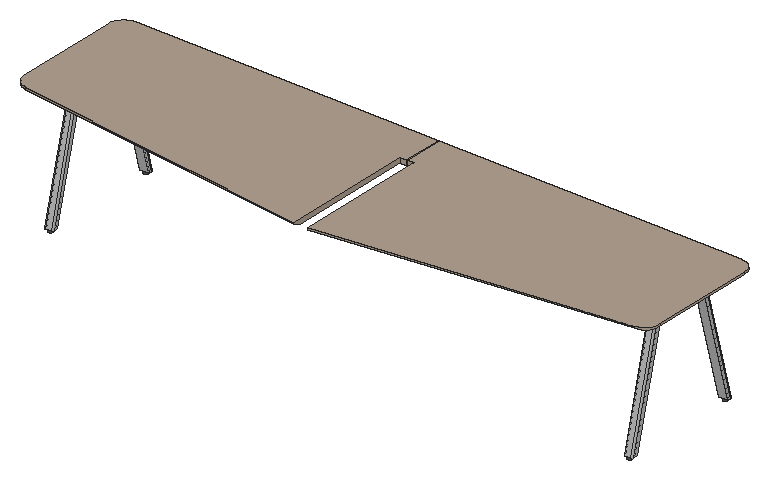
Revit family "Haworth_ActiveComponents_WedgeConvergentHalfConferenceEnd_BUILD2", category Furniture Systems, Revit 2015
Parameters (values of type "39d 72w")
  Worksurface Finish [instance] = Haworth _ Wood _ Light Maple VP-LM
  With Leg = yes
  Width = 72"
  Warranty = "https://www.haworth.com/resources/product-info/warranties"
  URL - Product = "https://www.haworth.com/products/workspaces/accessories/active-components"
  URL = "www.haworth.com"
  Thickness = 1 3/16"  # constant formula
  Radius = 3"  # constant formula
  Overhang = if(Actual Depth > 33", 9", 4 1/2")  # 9"
  Min. Width = 60"  # constant formula
  Min. Depth = 31 1/2"  # constant formula
  Max. Width = 72"  # constant formula
  Size = "Verify Final Dim. w/ Haworth"  # constant formula
  Revision Number = "1"  # constant formula
  Model = "WAYK"  # constant formula
  Max. Depth = 39"  # constant formula
  Manufacturer = "Haworth"  # constant formula
  Leg Finish [instance] = Haworth _ Paint _ Metallic Champagne
  Leg Front Offset = if(Actual Depth > 33", Actual Depth - 20 1/2", Actual Depth - 15")  # 18 1/2"
  Leg Back Offset = 8 1/8"  # constant formula
  Description = "Haworth - Active Components - Wedge Convergent Half Conference End"  # constant formula
  Depth = 39"
  Author = "Haworth (Alias)"  # constant formula
  Assembly Code = "E2020200"
  Angled Leg Offset = 5 3/8"  # constant formula
  Actual Width = if(Width < Min. Width, Min. Width, if(Width > Max. Width, Max. Width, Width))  # 72"
  Actual Height = 29 3/16"  # constant formula
  Actual Depth = if(Depth < Min. Depth, Min. Depth, if(Depth > Max. Depth, Max. Depth, Depth))  # 39"
Types (4): name | Width | Overhang | Leg Front Offset | Depth | Actual Width | Actual Depth
  39d 72w | 72" | 9" | 18 1/2" | 39" | 72" | 39"
  33d 72w | 72" | 4 1/2" | 18" | 33" | 72" | 33"
  37d 60w | 60" | 9" | 16 1/2" | 37" | 60" | 37"
  31d 60w | 60" | 4 1/2" | 16 1/2" | 31 1/2" | 60" | 31 1/2"
Reference planes (in)
  plane 1: z = 0
  plane 2 "Mid Right Side": x = 17.5
  plane 3 "Center L/R": x = -18.5
  plane 4 "Center FB": y = -8.17681
  plane 5 "Front End": y = -27.67681
  plane 6 "Back End": y = 11.32319
  plane 7 "Right End": x = 53.5
  plane 8 "Top": z = 29.1875
  plane 9 "Mid Left Side": x = -54.5
  plane 10 "Left End": x = -90.5
  plane 11: y = 3.19819
  plane 12: x = -85.125
  plane 13: x = 48.125
  plane 14: y = -9.17681
Dimensions and locks (in)
  "Actual Depth": plane 6 "Back End" to plane 5 "Front End"
  "Actual Width": plane 3 "Center L/R" to plane 7 "Right End"
  equal spacing: plane 3 "Center L/R", plane 2 "Mid Right Side", plane 7 "Right End"
  equal spacing: plane 5 "Front End", plane 4 "Center FB", plane 6 "Back End"
  "Actual Height": plane 8 "Top" to plane 1
  equal spacing: plane 10 "Left End", plane 9 "Mid Left Side", plane 3 "Center L/R"
  "Actual Width": plane 10 "Left End" to plane 3 "Center L/R"
  "Angled Leg Offset": plane 10 "Left End" to plane 12
  "Angled Leg Offset": plane 13 to plane 7 "Right End"
  "Leg Back Offset": plane 11 to plane 6 "Back End"
  "Leg Front Offset": plane 5 "Front End" to plane 14
  aligned and locked: plane 1 to nested 1
  aligned and locked: nested 2 to plane 1
  aligned and locked: plane 1 to nested 3
  aligned and locked: nested 4 to plane 1
  aligned and locked: plane 4 "Center FB" to nested 3
  aligned and locked: nested 4 to plane 4 "Center FB"
  aligned and locked: plane 3 "Center L/R" to nested 4
  aligned and locked: plane 3 "Center L/R" to nested 3
  aligned and locked: nested 5 to plane 1
  aligned and locked: plane 1 to nested 6
  aligned and locked: plane 12 to nested 5
  aligned and locked: nested 6 to plane 12
  aligned and locked: plane 13 to nested 2
  aligned and locked: nested 1 to plane 13
  aligned and locked: plane 11 to nested 2
  aligned and locked: nested 6 to plane 11
  aligned and locked: nested 5 to plane 14
  aligned and locked: plane 14 to nested 1
Nested families (in)
  nested 1: "Haworth_ActiveComponents_AngledLeg_BUILD" at (47.125, -17.11262, 0), visible <- "With Leg", type "Angled Leg"
  nested 2: "Haworth_ActiveComponents_AngledLeg_BUILD" at (47.125, 11.134, 0), visible <- "With Leg", type "Angled Leg"
  nested 3: "Haworth_ActiveComponents_WedgeConvergentHalfConferenceEnd_BUILD" at (0, -1.8125, 0), Worksurface Finish <- "Worksurface Finish", type "Worksurface"
    with Worksurface Finish Haworth _ Wood _ Light Maple VP-LM
  nested 4: "Haworth_ActiveComponents_WedgeConvergentHalfConferenceEnd_BUILD" at (-37, -1.8125, 0) x (-1, 0, 0) z (0, 0, 1), Worksurface Finish <- "Worksurface Finish", type "Worksurface"
    with Worksurface Finish Haworth _ Wood _ Light Maple VP-LM
  nested 5: "Haworth_ActiveComponents_AngledLeg_BUILD" at (-84.125, -17.11262, 0) x (-1, 0, 0) z (0, 0, 1), visible <- "With Leg", type "Angled Leg"
  nested 6: "Haworth_ActiveComponents_AngledLeg_BUILD" at (-84.125, 11.134, 0) x (-1, 0, 0) z (0, 0, 1), visible <- "With Leg", type "Angled Leg"
Definition of nested family "Haworth_ActiveComponents_AngledLeg_BUILD"
  Parameters (values of type "Angled Leg")
    Warranty = "https://www.haworth.com/resources/product-info/warranties"
    URL - Product = "https://www.haworth.com/products/workspaces/accessories/active-components"
    URL = "www.haworth.com"
    Trim Finish = none
    Revision = "1"  # constant formula
    Note = "Verify Final Dim. w/ Haworth"  # constant formula
    Model = "Haworth Active Components"  # constant formula
    Manufacturer = "Haworth"  # constant formula
    Leg Height = 28"  # constant formula
    Glide Finish = none
    Description = "Haworth Active Components - Angled Leg"  # constant formula
    Author = "Haworth (Alias)"  # constant formula
    Assembly Code = ""
  Reference planes (in)
    plane 1 "Front": y = 0
    plane 2 "Bottom": z = 0
    plane 3 "Center (Left/Right)": x = 0
    plane 4 "Glide End": z = 0.5
    plane 5 "Right": x = 1
    plane 6 "Left": x = -1
    plane 7: z = 28
    plane 8 "Back": y = 11.0625
    plane 9: z = 28
    plane 10: z = 27.764
    plane 11 "Top Middle": y = 7.93581
  Forms (in)
    Extrusion 1, solid, material <- "Glide Finish"
      sketch origin (0, 0, 0) x (1, 0, 0) y (0, 1, 0)
        loop
          circle (0, 0.625) r 0.5
      from 0 to 0.5
    Blend 2, solid, material <- "Trim Finish"
      base sketch origin (0, 0, 0) x (1, 0, 0) y (0, 1, 0)
        loop
          line (-0.625, 0) -> (0.625, 0)
          arc (0.625, 0) -> (0.89017, 0.10983) -> (1, 0.375) r 0.375
          line (1, 0.375) -> (1, 1.1875) -> (-1, 1.1875) -> (-1, 0.375)
          arc (-1, 0.375) -> (-0.89017, 0.10983) -> (-0.625, 0) r 0.375
      top sketch origin (0, 0, 0) x (1, 0, 0) y (0, 1, 0)
        loop
          line (-1, 8.52956) -> (-1, 7.71706)
          arc (-1, 7.71706) -> (-0.89017, 7.45189) -> (-0.625, 7.34206) r 0.375
          line (-0.625, 7.34206) -> (0.625, 7.34206)
          arc (0.625, 7.34206) -> (0.89017, 7.45189) -> (1, 7.71706) r 0.375
          line (1, 7.71706) -> (1, 8.52956) -> (-1, 8.52956)
      from 0.5 to 27.764
    Extrusion 3, solid, material <- "Trim Finish"
      sketch origin (0, 0, 0) x (1, 0, 0) y (0, 1, 0)
        loop
          arc (-3.39, 11.0625) -> (-3.65517, 10.95267) -> (-3.765, 10.6875) r 0.375
          line (-3.765, 10.6875) -> (-3.765, 7.43264)
          arc (-3.765, 7.43264) -> (-3.65517, 7.16748) -> (-3.39, 7.05764) r 0.375
          line (-3.39, 7.05764) -> (0.86, 7.05764)
          arc (0.86, 7.05764) -> (1.12517, 7.16748) -> (1.235, 7.43264) r 0.375
          line (1.235, 7.43264) -> (1.235, 10.6875)
          arc (1.235, 10.6875) -> (1.12517, 10.95267) -> (0.86, 11.0625) r 0.375
          line (0.86, 11.0625) -> (-3.39, 11.0625)
      from 27.764 to 28
  Lines and regions (in)
    Masking region 1, detail levels medium+fine
      outline origin (0, 0, 0) x (1, 0, 0) y (0, 1, 0)
        loop
          arc (-0.985, 0.40547) -> (-0.87035, 0.1231) -> (-0.5913, 0.00058) r 0.40505
          line (-0.5913, 0.00058) -> (0.57004, 0.00058)
          arc (0.57004, 0.00058) -> (0.86642, 0.1119) -> (0.985, 0.40544) r 0.39368
          line (0.985, 0.40544) -> (0.985, 8.52956) -> (-0.985, 8.52956) -> (-0.985, 0.40547)
    symbolic lines, detail levels medium+fine
      curve 1: line (-3.39, 7.05764, 0) -> (0.86, 7.05764, 0)
      curve 2: arc (0.86, 7.05764, 0) -> (1.12517, 7.16748, 0) -> (1.235, 7.43264, 0) r 0.375
      curve 3: line (1.235, 7.43264, 0) -> (1.235, 10.6875, 0)
      curve 4: arc (1.235, 10.6875, 0) -> (1.12517, 10.95267, 0) -> (0.86, 11.0625, 0) r 0.375
      curve 5: line (0.86, 11.0625, 0) -> (-3.39, 11.0625, 0)
      curve 6: arc (-3.39, 11.0625, 0) -> (-3.65517, 10.95267, 0) -> (-3.765, 10.6875, 0) r 0.375
      curve 7: line (-3.765, 10.6875, 0) -> (-3.765, 7.43264, 0)
      curve 8: arc (-3.765, 7.43264, 0) -> (-3.65517, 7.16748, 0) -> (-3.39, 7.05764, 0) r 0.375
  Dimensions and locks (in)
    level to plane 4 "Glide End" = 1/2"
    locked: plane 4 "Glide End" to plane 2 "Bottom" at 0.5
    "Leg Height": plane 7 to plane 2 "Bottom"
    equal spacing: plane 6 "Left", plane 3 "Center (Left/Right)", plane 5 "Right"
    locked: plane 6 "Left" to plane 5 "Right" at 2
    locked: plane 1 "Front" to plane 8 "Back" at 11.0625
    locked: plane 1 "Front" to Extrusion 1 sketch curve at 0.625
    locked: Blend 2 sketch curve to plane 1 "Front" at 1.1875
    locked: Blend 2 sketch curve to plane 8 "Back" at 2.53294
    locked: Blend 2 sketch curve to Blend 2 sketch curve at 1.1875
    locked: plane 9 to plane 10 at 0.236
    locked: Extrusion 3 sketch curve to Extrusion 3 sketch curve at 4.00486
    locked: plane 5 "Right" to Extrusion 3 sketch curve at 0.235
    locked: Extrusion 3 sketch curve to plane 6 "Left" at 2.765
    aligned and locked: Extrusion 1 to plane 2 "Bottom"
    aligned and locked: Extrusion 1 to plane 4 "Glide End"
    aligned and locked: plane 5 "Right" to Blend 2 sketch curve
    aligned and locked: plane 6 "Left" to Blend 2 sketch curve
    aligned and locked: Blend 2 sketch curve to plane 6 "Left"
    aligned and locked: Blend 2 sketch curve to plane 5 "Right"
    aligned and locked: plane 4 "Glide End" to Blend 2
    aligned and locked: plane 3 "Center (Left/Right)" to Extrusion 1 sketch curve
    aligned and locked: plane 1 "Front" to Blend 2 sketch curve
    aligned and locked: plane 10 to Blend 2
    aligned and locked: Extrusion 3 sketch curve to plane 8 "Back"
    aligned and locked: plane 9 to Extrusion 3
    aligned and locked: Extrusion 3 to plane 10
  Automatic sketch dimensions
    Blend 2 sketch curve to plane 6 "Left" = 3/8"  (x2)
    Blend 2 sketch curve to plane 5 "Right" = 3/8"  (x2)
    Extrusion 3 sketch curve to Extrusion 3 sketch curve = 3/8"
    Extrusion 3 sketch curve to plane 8 "Back" = 3/8"
    Extrusion 3 sketch curve to plane 5 "Right" = 0.14"  (x2)
    Masking region 1 sketch curve to plane 6 "Left" = 0.015"
    Masking region 1 sketch curve to plane 1 "Front" = 0.00058"
    Masking region 1 sketch curve to plane 6 "Left" = 0.4087"
    Masking region 1 sketch curve to Masking region 1 sketch curve = 0.40505"
    Masking region 1 sketch curve to plane 5 "Right" = 0.42996"
    Masking region 1 sketch curve to Masking region 1 sketch curve = 0.02145"
    Masking region 1 sketch curve to plane 5 "Right" = 0.015"
    Masking region 1 sketch curve to plane 1 "Front" = 0.39368"
    Masking region 1 sketch curve to plane 11 "Top Middle" = 19/32"
    curve 6 to plane 8 "Back" = 0"
    curve 7 to plane 8 "Back" = 3/8"
    plane 6 "Left" to curve 7 = 2.765"
    curve 7 to curve 8 = 3/8"
    curve 1 to plane 5 "Right" = 0.14"
    curve 4 to plane 5 "Right" = 0.14"
    plane 5 "Right" to curve 3 = 0.235"
    plane 11 "Top Middle" to curve 2 = 0.50317"
    radius of Extrusion 1 sketch curve = 1/2"
Definition of nested family "Haworth_ActiveComponents_WedgeConvergentHalfConferenceEnd_BUILD"
  Parameters (values of type "39d 72w")
    Worksurface Finish [instance] = none
    Width = 72"
    Warranty = "https://www.haworth.com/resources/product-info/warranties"
    URL - Product = "https://www.haworth.com/products/workspaces/accessories/active-components"
    URL = "www.haworth.com"
    Thickness = 1 3/16"  # constant formula
    Surface Angle = if(Actual Width = 72", 7.00°, 10.00°)  # 7.00°
    Radius = 3 1/2"  # constant formula
    Overhang = if(Actual Depth > 33", 9", 4 1/2")  # 9"
    Narrow Depth = if(Actual Depth > 33", 27", 24")  # 27"
    Min. Width = 60"  # constant formula
    Min. Depth = 31 1/2"  # constant formula
    Max. Width = 72"  # constant formula
    Size = "Verify Final Dim. w/ Haworth"  # constant formula
    Revision Number = "1"  # constant formula
    Model = "WAYK"  # constant formula
    Max. Depth = 39"  # constant formula
    Manufacturer = "Haworth"  # constant formula
    Inside Radius = 1 1/2"  # constant formula
    Description = "Haworth - Active Components - Wedge Convergent Half Conference End"  # constant formula
    Depth = 39"
    Author = "Haworth (Alias)"  # constant formula
    Assembly Code = "E2020200"
    Actual Width = if(Width < Min. Width, Min. Width, if(Width > Max. Width, Max. Width, Width))  # 72"
    Actual Height = 29 3/16"  # constant formula
    Actual Depth = if(Depth < Min. Depth, Min. Depth, if(Depth > Max. Depth, Max. Depth, Depth))  # 39"
  Types (4): name | Width | Surface Angle | Overhang | Narrow Depth | Depth | Actual Width | Actual Depth
    39d 72w | 72" | 7.00° | 9" | 27" | 39" | 72" | 39"
    37d 60w | 60" | 10.00° | 9" | 27" | 37" | 60" | 37"
    33d 72w | 72" | 7.00° | 4 1/2" | 24" | 33" | 72" | 33"
    31.5d 60w | 60" | 10.00° | 4 1/2" | 24" | 31 1/2" | 60" | 31 1/2"
  Reference planes (in)
    plane 1 "Bottom": z = 0
    plane 2 "Center L/R": x = 17.5
    plane 3 "Left Edge": x = -18.5
    plane 4 "Support Top": z = 29.1875
    plane 5 "Center F/B": y = -6.36431
    plane 6 "Front": y = -25.86431
    plane 7 "Knife Edge": y = -23.86431
    plane 8 "Knife Edge Seam": z = 28.8125
    plane 9: y = 13.13569
    plane 10 "Right Edge": x = 53.5
    plane 11 "Knife Edge 2": x = 51.5
    plane 12 "Knife Edge Back": y = 11.13569
    plane 13: z = 28
    plane 14: x = -16.9375
    plane 15 "Panel End": y = 4.13569
  Forms (in)
    Extrusion 1, solid, material <- "Worksurface Finish"
      sketch origin (0, 0, 0) x (1, 0, 0) y (0, 1, 0)
        loop
          line (-18.5, 4.13569) -> (-16.9375, 4.13569) -> (-16.9375, -25.86431) -> (50.42654, -17.59305)
          arc (50.42654, -17.59305) -> (52.62135, -16.4383) -> (53.5, -14.11913) r 3.5
          line (53.5, -14.11913) -> (53.5, 9.63569)
          arc (53.5, 9.63569) -> (52.47487, 12.11056) -> (50, 13.13569) r 3.5
          line (50, 13.13569) -> (-18.5, 13.13569) -> (-18.5, 4.13569)
      from 28 to 29.1875
    Sweep 2, void
      path in 3D
        loop
          line (-16.9375, -25.86431, 29.1875) -> (50.42654, -17.59305, 29.1875)
          arc (50.42654, -17.59305, 29.1875) -> (52.62135, -16.4383, 29.1875) -> (53.5, -14.11913, 29.1875) r 3.5
          line (53.5, -14.11913, 29.1875) -> (53.5, 9.63569, 29.1875)
          arc (53.5, 9.63569, 29.1875) -> (52.47487, 12.11056, 29.1875) -> (50, 13.13569, 29.1875) r 3.5
          line (50, 13.13569, 29.1875) -> (-18.5, 13.13569, 29.1875)
      profile origin (15.75, 13.13569, 29.1875) x (0, -1, 0) y (0, 0, 1)
        loop
          line (0, -0.375) -> (0, -1.1875) -> (2, -1.1875) -> (0, -0.375)
  Cuts and joins
    Sweep 2 cuts Extrusion 1
  Lines and regions (in)
    Masking region 1
      outline origin (0, 0, 0) x (1, 0, 0) y (0, 1, 0)
        loop
          line (50, 13.13569) -> (-18.5, 13.13569) -> (-18.5, 4.13569) -> (-16.9375, 4.13569) -> (-16.9375, -25.86431) -> (50.42654, -17.59305)
          arc (50.42654, -17.59305) -> (52.62135, -16.4383) -> (53.5, -14.11913) r 3.5
          line (53.5, -14.11913) -> (53.5, 9.63569)
          arc (53.5, 9.63569) -> (52.47487, 12.11056) -> (50, 13.13569) r 3.5
    sketch lines
      curve 1: line (50, 13.13569, 29.1875) -> (-18.5, 13.13569, 29.1875)
      curve 2: arc (50, 13.13569, 29.1875) -> (52.47487, 12.11056, 29.1875) -> (53.5, 9.63569, 29.1875) r 3.5
      curve 3: line (53.5, -14.11913, 29.1875) -> (53.5, 9.63569, 29.1875)
      curve 4: arc (53.5, -14.11913, 29.1875) -> (52.62135, -16.4383, 29.1875) -> (50.42654, -17.59305, 29.1875) r 3.5
      curve 5: line (-16.9375, -25.86431, 29.1875) -> (50.42654, -17.59305, 29.1875)
  Dimensions and locks (in)
    locked: plane 4 "Support Top" to plane 8 "Knife Edge Seam" at 0.375
    "Actual Depth": plane 9 to plane 6 "Front"
    "Actual Width": plane 3 "Left Edge" to plane 10 "Right Edge"
    locked: plane 11 "Knife Edge 2" to plane 10 "Right Edge" at 2
    locked: plane 6 "Front" to plane 7 "Knife Edge" at 2
    equal spacing: plane 3 "Left Edge", plane 2 "Center L/R", plane 10 "Right Edge"
    locked: plane 9 to plane 12 "Knife Edge Back" at 2
    "Actual Height": plane 4 "Support Top" to plane 1 "Bottom"
    "Thickness": plane 13 to plane 4 "Support Top"
    equal spacing: plane 6 "Front", plane 5 "Center F/B", plane 9
    locked: plane 3 "Left Edge" to plane 14 at 1.5625
    "Overhang": plane 15 "Panel End" to plane 9
    "Radius": radius of Extrusion 1 sketch curve  (x2)
    "Radius": radius of Masking region 1 sketch curve  (x2)
    "Surface Angle": angle plane 6 "Front" to Masking region 1 sketch curve
    "Surface Angle": angle plane 6 "Front" to Extrusion 1 sketch curve
    aligned and locked: Extrusion 1 sketch curve to plane 10 "Right Edge"
    aligned and locked: Extrusion 1 sketch curve to plane 9
    aligned and locked: plane 3 "Left Edge" to Masking region 1 sketch curve
    aligned and locked: plane 9 to Masking region 1 sketch curve
    aligned and locked: plane 10 "Right Edge" to Masking region 1 sketch curve
    aligned and locked: plane 4 "Support Top" to Extrusion 1
    aligned and locked: plane 13 to Extrusion 1
    aligned and locked: plane 9 to Sweep 2 sketch curve
    aligned and locked: plane 13 to Sweep 2 sketch curve
    aligned and locked: plane 8 "Knife Edge Seam" to Sweep 2 sketch curve
    aligned and locked: plane 12 "Knife Edge Back" to Sweep 2 sketch curve
    aligned and locked: plane 14 to Masking region 1 sketch curve
    aligned and locked: plane 6 "Front" to Masking region 1 sketch curve
    aligned and locked: Masking region 1 sketch curve to plane 15 "Panel End"
    aligned and locked: plane 15 "Panel End" to Extrusion 1 sketch curve
    aligned and locked: Extrusion 1 sketch curve to plane 14
    aligned and locked: plane 6 "Front" to Extrusion 1 sketch curve
  Automatic sketch dimensions
    plane 11 "Knife Edge 2" to Masking region 1 sketch curve = 1.07346"
    Extrusion 1 sketch curve to plane 3 "Left Edge" = 0"
    plane 11 "Knife Edge 2" to Extrusion 1 sketch curve = 1.07346"
